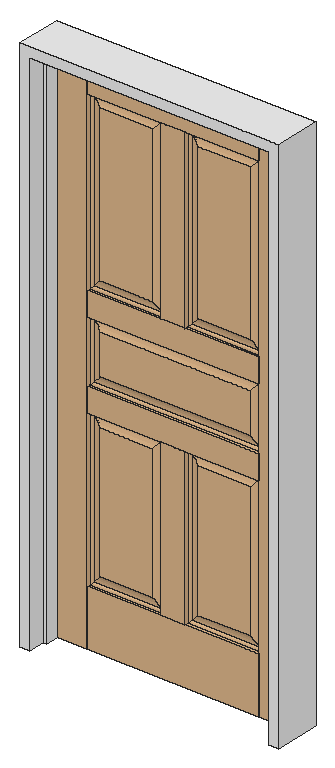
Revit family
Parameters (values of type "2 1/4" Raised Panel")
  URL = "http://www.karonadoor.com"
  Thickness Note = "Do not edit thickness."  # constant formula
  Thickness = 2.250"
  Swing Angle 2D = 90.00°
  SmartBIM Object Version = 1  # constant formula
  SmartBIM Object Created By = "Reed Construction Data"  # constant formula
  Rough Width = 0.000"
  Rough Height = 0.000"
  Panel = Panel_K5500_Karona : 2 1/4" - Raised Panel
  Model = "K5500 Ovolo"  # constant formula
  Manufacturer = "Karona , Inc."  # constant formula
  Detail Door Thickness = 2.250"
  Assembly Code = ""
  Top Rail Height = 5.000"
  Top Rail = Wood, Cherry - Grain Horizontal
  Stile Width = 5.063"
  Stile = Wood, Cherry - Grain Vertical
  Sticking = Wood, Cherry - Grain Vertical
  Middle Rail = Wood, Cherry - Grain Horizontal
  Height = 80.000"
  Wall Closure = (empty or 0)
  Width = 36.000"
  Frame = Metal
  Bottom Rail Height = 8.500"
  Bottom Rail = Wood, Cherry - Grain Horizontal
  95 CSI = "08210"  # constant formula
  04 CSI = "08 14 33"  # constant formula
Types (9): name | Thickness | Rough Height | Panel | Detail Door Thickness
  1 3/4" Flat Panel | 1.774" | 1.750" | Panel_K5500_Karona : 1 3/4" - Flat Panel | 1.750"
  1 3/8" Flat Panel | 1.334" | 0.000" | Panel_K5500_Karona : 1 3/8" - Flat Panel | 1.375"
  2 1/4" Flat Panel | 2.250" | 0.000" | Panel_K5500_Karona : 2 1/4" - Flat Panel | 2.250"
  1 3/4" Glass Panel | 1.774" | 1.750" | Panel_K5500_Karona : 1 3/4" - Glass Panel | 1.750"
  1 3/8" Glass Panel | 1.334" | 0.000" | Panel_K5500_Karona : 1 3/8" - Glass Panel | 1.375"
  2 1/4" Glass Panel | 2.250" | 0.000" | Panel_K5500_Karona : 2 1/4" - Glass | 2.250"
  1 3/4" Raised Panel | 1.774" | 1.750" | Panel_K5500_Karona : 1 3/4" - Raised Panel | 1.750"
  1 3/8" Raised Panel | 1.334" | 0.000" | Panel_K5500_Karona : 1 3/8" - Raised Panel | 1.375"
  2 1/4" Raised Panel | 2.250" | 0.000" | Panel_K5500_Karona : 2 1/4" - Raised Panel | 2.250"
Reference planes (in)
  plane 1 "Center (Front/Back)": y = 0
  plane 2 "Center (Left/Right)": x = 0
  plane 3 "Left": x = -18
  plane 4 "Right": x = 18
  plane 5 "Top": z = 80
  plane 6 "Exterior Edge of Frame": y = 3.5
  plane 7 "Interior Edge of Frame": y = -3.5
  plane 8: y = 1
  plane 9: y = -1
  plane 10 "Opening Left": x = -19.5
  plane 11 "Opening Right": x = 19.5
  plane 12 "Top of Opening": z = 81.5
  plane 13: x = -17.5
Forms (in)
  Sweep 1, solid, material "Metal" <- "Frame"
    path origin (0, 0, 0) x (1, 0, 0) y (0, 0, 1)
      loop
        line (-19.5, 0) -> (-19.5, 81.5) -> (19.5, 81.5) -> (19.5, 0)
    profile origin (-19.5, 0, 40.75) x (-1, 0, 0) y (0, -1, 0)
      loop
        line (0, -3.5) -> (0, 3.5) -> (-1.5, 3.5) -> (-1.5, 1) -> (-2, 1) -> (-2, -1) -> (-1.5, -1) -> (-1.5, -3.5) -> (0, -3.5)
Lines and regions (in)
  Opening 1
    outline origin (-90, -3, 0) x (1, 0, 0) y (0, 0, 1)
      loop
        line (70.5, 0) -> (109.5, 0) -> (109.5, 81.5) -> (70.5, 81.5) -> (70.5, 0)
  symbolic lines, style "Elevation Swing"
    curve 1: line (18, 3, 0) -> (-18, 3, 40)
    curve 2: line (-18, 3, 40) -> (18, 3, 80)
Text (in)
  text "Exterior" at (-46.13199, 20.20143, 0), in view "Ref. Level"
  text "Interior" at (-46.13199, -10.56751, 0), in view "Ref. Level"
  text "Exterior" at (0, 40.15149, 123.01588), in view "Right"
  text "Interior" at (0, -64.39139, 123.01588), in view "Right"
  text "Interior" at (0, -31.01599, 123.00693), in view "Left"
  text "Exterior" at (0, 54.57065, 123.00693), in view "Left"
Dimensions and locks (in)
  "Height": level to plane 5 "Top"
  "Width": plane 3 "Left" to plane 4 "Right"
  equal spacing: host wall, curve 2, plane 5 "Top"
  locked: host wall to plane 7 "Interior Edge of Frame" at 0.5
  locked: plane 6 "Exterior Edge of Frame" to host wall at 0.5
  locked: plane 9 to plane 7 "Interior Edge of Frame" at 2.5
  locked: plane 6 "Exterior Edge of Frame" to plane 8 at 2.5
  equal spacing: plane 3 "Left", plane 2 "Center (Left/Right)", plane 4 "Right"
  locked: plane 4 "Right" to plane 11 "Opening Right" at 1.5
  locked: plane 5 "Top" to plane 12 "Top of Opening" at 1.5
  locked: plane 3 "Left" to plane 13 at 0.5
  locked: plane 10 "Opening Left" to plane 3 "Left" at 1.5
  aligned and locked: Opening 1 sketch curve to level
  aligned and locked: plane 4 "Right" to curve 1
  aligned and locked: plane 3 "Left" to curve 1
  aligned and locked: plane 5 "Top" to curve 2
  aligned and locked: Opening 1 sketch curve to plane 11 "Opening Right"
  aligned and locked: plane 12 "Top of Opening" to Opening 1 sketch curve
  aligned and locked: Opening 1 sketch curve to plane 10 "Opening Left"
  aligned and locked: plane 10 "Opening Left" to Sweep 1 sketch curve
  aligned and locked: plane 12 "Top of Opening" to Sweep 1 sketch curve
  aligned and locked: plane 11 "Opening Right" to Sweep 1 sketch curve
  aligned and locked: level to Sweep 1 sketch curve  (x2)
  aligned and locked: Sweep 1 sketch curve to plane 10 "Opening Left"
  aligned and locked: Sweep 1 sketch curve to plane 6 "Exterior Edge of Frame"
  aligned and locked: Sweep 1 sketch curve to plane 7 "Interior Edge of Frame"
  aligned and locked: Sweep 1 sketch curve to plane 8
  aligned and locked: Sweep 1 sketch curve to plane 9
  aligned and locked: plane 13 to Sweep 1 sketch curve
  aligned and locked: plane 3 "Left" to Sweep 1 sketch curve  (x2)
  aligned and locked: nested 1 to plane 2 "Center (Left/Right)"
  aligned and locked: nested 1 to plane 8  (x2)
  aligned and locked: nested 2 to plane 3 "Left"
  aligned and locked: nested 2 to plane 8
Automatic sketch dimensions
  curve 1 to level = 0.000"
  curve 2 to plane 4 "Right" = 0.000"
Nested families (in)
  nested 1: "Panel_K5500_Karona" at (-13.5, 0.8935, 0) x (-1, 0, 0) z (0, 0, 1), type <- "Panel", type "2 1/4" - Raised Panel"
  nested 2: "Door Panel Plan View" at (-31.5, 1, 0) x (-1, 0, 0) z (0, 0, 1), type "Door Panel Plan View"
    with Thickness 2.250", Height 80.000"
Definition of nested family "Panel_K5500_Karona"
  Parameters (values of type "1 3/8" - Flat Panel")
    Width = 36.000"
    Top Rail Material = Wood, Cherry - Grain Horizontal
    Top Rail Height = 5.000"
    Top Panel Offset = 14.875"
    Thickness Note = "Do not change door thickness"  # constant formula
    Thickness = 1.334"
    Stile Width = 5.063"
    Stile Material = Wood, Cherry - Grain Vertical
    Sticking Material = Wood, Cherry - Grain Vertical
    Panel Width = (Width - ((2 * Stile Width) + Mullion Width)) / 2  # 11.1245"
    Panel Height = Height - (Top Rail Height + Mullion Width + Middle Panel Height + Mullion Width + Bottom Panel Height + Bottom Rail Height)  # 26.500"
    Panel = Glass-Sticking-Assembly-Ovolo_Karona : Flat Panel
    Mullion Width = 3.625"  # constant formula
    Middle Panel Width = Width - (2 * Stile Width)  # 25.874"
    Middle Panel Height = 9.375"  # constant formula
    Interior Panel = Wood, Cherry - Grain Vertical
    Height = 80.000"
    Exterior Edge - Glass Bottom Offset = if(Thickness = 1.774", 0.567", if(Thickness = 2.250", 0.803", 0.469"))  # 0.469"
    Door Panel Material = Wood, Cherry - Grain Vertical
    Default Elevation = 0.000"  # constant formula
    Bottom Rail Material = Wood, Cherry - Grain Horizontal
    Bottom Rail Height = 8.500"
    Bottom Panel Height = Bottom Height - (Bottom Rail Height + Mullion Width)  # 23.375"
    Bottom Height = 35.500"
    Assembly Code = ""
  Types (9): name | Top Panel Offset | Thickness | Panel | Interior Panel | Exterior Edge - Glass Bottom Offset
    2 1/4" - Flat Panel | 14.875" | 2.250" | Glass-Sticking-Assembly-Ovolo_Karona : Flat Panel | Wood, Cherry - Grain Vertical | 0.803"
    2 1/4" - Glass | 14.875" | 2.250" | Glass-Sticking-Assembly-Ovolo_Karona : Glass Panel | Glass | 0.803"
    2 1/4" - Raised Panel | 14.875" | 2.250" | Glass-Sticking-Assembly-Ovolo_Karona : Raised Panel | Wood, Cherry - Grain Vertical | 0.803"
    1 3/4" - Raised Panel | 16.542" | 1.774" | Glass-Sticking-Assembly-Ovolo_Karona : Raised Panel | Wood, Cherry - Grain Vertical | 0.567"
    1 3/4" - Flat Panel | 14.875" | 1.774" | Glass-Sticking-Assembly-Ovolo_Karona : Flat Panel | Wood, Cherry - Grain Vertical | 0.567"
    1 3/4" - Glass Panel | 14.875" | 1.774" | Glass-Sticking-Assembly-Ovolo_Karona : Glass Panel | Glass | 0.567"
    1 3/8" - Raised Panel | 14.875" | 1.334" | Glass-Sticking-Assembly-Ovolo_Karona : Raised Panel | Wood, Cherry - Grain Vertical | 0.469"
    1 3/8" - Glass Panel | 14.875" | 1.334" | Glass-Sticking-Assembly-Ovolo_Karona : Glass Panel | Glass | 0.469"
    1 3/8" - Flat Panel | 14.875" | 1.334" | Glass-Sticking-Assembly-Ovolo_Karona : Flat Panel | Wood, Cherry - Grain Vertical | 0.469"
  Reference planes (in)
    plane 1 "Center (Front/Back)": y = 1.1075
    plane 2: z = 0
    plane 3 "Center (Left/Right)": x = -13.5
    plane 4 "Left": x = -31.5
    plane 5: x = 4.5
    plane 6 "Inner Left": x = -26.437
    plane 7 "Inner Right": x = -0.563
    plane 8 "Bottom Of Top Rail": z = 75
    plane 9 "Top": z = 80
    plane 10 "Interior Edge of Door": y = 1.7745
    plane 11: z = 75
    plane 12 "Exterior Edge of Door": y = 0.4405
    plane 13 "Bottom of Glass": y = 0.9095
    plane 14 "Left Panel Vertical Midline": x = -13.5
    plane 15: z = 48.5
    plane 16: z = 44.875
    plane 17: z = 35.5
    plane 18: z = 31.875
    plane 19: z = 8.5
    plane 20: z = 61.75
    plane 21: z = 20.1875
    plane 22: z = 40.1875
    plane 23: x = -20.87475
    plane 24: x = -6.12525
    plane 25: x = -15.3125
    plane 26: x = -11.6875
  Forms (in)
    Extrusion 1, solid, material "Wood, Cherry - Grain Horizontal" <- "Bottom Rail Material"
      sketch origin (0, -101.3125, 0) x (1, 0, 0) y (0, 0, 1)
        loop
          line (-26.437, 0) -> (-0.563, 0) -> (-0.563, 8.5) -> (-26.437, 8.5) -> (-26.437, 0)
      from -103.087 to -101.753
    Extrusion 2, solid, material "Wood, Cherry - Grain Vertical" <- "Stile Material"
      sketch origin (0, 1.1075, 0) x (1, 0, 0) y (0, 0, 1)
        loop
          line (-31.5, 80) -> (-31.5, 0) -> (-26.437, 0) -> (-26.437, 80) -> (-31.5, 80)
        loop
          line (-0.563, 0) -> (4.5, 0) -> (4.5, 80) -> (-0.563, 80) -> (-0.563, 0)
      from -0.667 to 0.667
    Extrusion 3, solid, material "Wood, Cherry - Grain Horizontal" <- "Top Rail Material"
      sketch origin (0, 1.1075, 0) x (1, 0, 0) y (0, 0, 1)
        loop
          line (-26.437, 80) -> (-26.437, 75) -> (-0.563, 75) -> (-0.563, 80) -> (-26.437, 80)
      from -0.667 to 0.667
    Extrusion 4, solid, material "Wood, Cherry - Grain Horizontal" <- "Top Rail Material"
      sketch origin (0, 1.1075, 0) x (1, 0, 0) y (0, 0, 1)
        loop
          line (-26.437, 31.875) -> (-0.563, 31.875) -> (-0.563, 35.5) -> (-26.437, 35.5) -> (-26.437, 31.875)
        loop
          line (-26.437, 48.5) -> (-26.437, 44.875) -> (-0.563, 44.875) -> (-0.563, 48.5) -> (-26.437, 48.5)
      from -0.667 to 0.667
    Extrusion 5, solid, material "Wood, Cherry - Grain Vertical" <- "Door Panel Material"
      sketch origin (0, 1.1075, 0) x (1, 0, 0) y (0, 0, 1)
        loop
          line (-15.3125, 75) -> (-15.3125, 48.5) -> (-11.6875, 48.5) -> (-11.6875, 75) -> (-15.3125, 75)
        loop
          line (-15.3125, 31.875) -> (-15.3125, 8.5) -> (-11.6875, 8.5) -> (-11.6875, 31.875) -> (-15.3125, 31.875)
      from -0.667 to 0.667
  Text (in)
    text "EXTERIOR" at (-34.59289, -1.27941, 0), in view "Ref. Level"
    text "EXTERIOR" at (0, -9.65287, 72.76687), in view "Left"
    text "EXTERIOR" at (0, -33.33473, 96.68074), in view "Right"
  Dimensions and locks (in)
    equal spacing: plane 4 "Left", plane 3 "Center (Left/Right)", plane 5
    "Width": plane 4 "Left" to plane 5
    "Stile Width": plane 4 "Left" to plane 6 "Inner Left"
    "Stile Width": plane 5 to plane 7 "Inner Right"
    "Top Rail Height": plane 9 "Top" to plane 8 "Bottom Of Top Rail"
    "Height": plane 9 "Top" to plane 2
    equal spacing: plane 10 "Interior Edge of Door", plane 1 "Center (Front/Back)", plane 12 "Exterior Edge of Door"
    "Thickness": plane 10 "Interior Edge of Door" to plane 12 "Exterior Edge of Door"
    "Exterior Edge - Glass Bottom Offset": plane 13 "Bottom of Glass" to plane 12 "Exterior Edge of Door"
    "Exterior Edge - Glass Bottom Offset": plane 12 "Exterior Edge of Door" to plane 13 "Bottom of Glass"
    "Mullion Width": plane 15 to plane 16
    "Bottom Rail Height": plane 19 to level
    "Panel Height": plane 11 to plane 15
    equal spacing: plane 11, plane 20, plane 15
    equal spacing: plane 18, plane 21, plane 19
    "Mullion Width": plane 17 to plane 18
    equal spacing: plane 16, plane 22, plane 17
    "Mullion Width": plane 26 to plane 25
    equal spacing: plane 25, plane 23, plane 6 "Inner Left"
    equal spacing: plane 26, plane 24, plane 7 "Inner Right"
    equal spacing: plane 26, plane 3 "Center (Left/Right)", plane 25
    "Bottom Height": plane 17 to level
    aligned and locked: Extrusion 1 to plane 2
    aligned and locked: plane 10 "Interior Edge of Door" to Extrusion 1
    aligned and locked: plane 4 "Left" to Extrusion 2 sketch curve
    aligned and locked: Extrusion 2 sketch curve to plane 9 "Top"
    aligned and locked: Extrusion 2 sketch curve to Extrusion 1  (x3)
    aligned and locked: Extrusion 1 to Extrusion 2 sketch curve
    aligned and locked: plane 9 "Top" to Extrusion 2 sketch curve
    aligned and locked: plane 5 to Extrusion 2 sketch curve
    aligned and locked: plane 10 "Interior Edge of Door" to Extrusion 2
    aligned and locked: Extrusion 2 to Extrusion 3 sketch curve
    aligned and locked: Extrusion 3 sketch curve to Extrusion 2
    aligned and locked: plane 10 "Interior Edge of Door" to Extrusion 3
    aligned and locked: plane 11 to plane 8 "Bottom Of Top Rail"
    aligned and locked: level to plane 2
    aligned and locked: Extrusion 3 to plane 12 "Exterior Edge of Door"
    aligned and locked: Extrusion 3 to plane 10 "Interior Edge of Door"
    aligned and locked: Extrusion 2 to plane 12 "Exterior Edge of Door"
    aligned and locked: Extrusion 3 to plane 11
    aligned and locked: Extrusion 1 to Extrusion 2
    aligned and locked: nested 1 to plane 1 "Center (Front/Back)"
    aligned and locked: plane 20 to nested 2
    aligned and locked: Extrusion 4 sketch curve to plane 18
    aligned and locked: Extrusion 4 sketch curve to plane 6 "Inner Left"  (x2)
    aligned and locked: Extrusion 4 sketch curve to plane 7 "Inner Right"  (x2)
    aligned and locked: Extrusion 4 sketch curve to plane 17
    aligned and locked: Extrusion 4 sketch curve to plane 15
    aligned and locked: Extrusion 4 sketch curve to plane 16
    aligned and locked: plane 10 "Interior Edge of Door" to Extrusion 4
    aligned and locked: Extrusion 4 to plane 12 "Exterior Edge of Door"
    aligned and locked: plane 23 to nested 2
    aligned and locked: plane 23 to nested 1
    aligned and locked: nested 5 to plane 20
    aligned and locked: nested 4 to plane 21
    aligned and locked: plane 24 to nested 5
    aligned and locked: plane 24 to nested 4
    aligned and locked: plane 1 "Center (Front/Back)" to nested 4
    aligned and locked: plane 1 "Center (Front/Back)" to nested 5
    aligned and locked: Extrusion 5 sketch curve to plane 25  (x2)
    aligned and locked: plane 26 to Extrusion 5 sketch curve  (x2)
    aligned and locked: Extrusion 5 sketch curve to plane 15
    aligned and locked: Extrusion 5 sketch curve to plane 11
    aligned and locked: Extrusion 5 sketch curve to plane 18
    aligned and locked: Extrusion 5 sketch curve to plane 19
    aligned and locked: plane 10 "Interior Edge of Door" to Extrusion 5
    aligned and locked: Extrusion 5 to plane 12 "Exterior Edge of Door"
    aligned and locked: plane 21 to nested 1
    aligned and locked: plane 19 to Extrusion 1
    aligned and locked: plane 22 to nested 3
  Automatic sketch dimensions
    Extrusion 1 sketch curve to plane 6 "Inner Left" = 0.000"
    Extrusion 1 sketch curve to plane 7 "Inner Right" = 0.000"
    Extrusion 1 sketch curve to level = 0.000"
    Extrusion 3 sketch curve to plane 7 "Inner Right" = 0.000"
    plane 8 "Bottom Of Top Rail" to Extrusion 3 sketch curve = 0.000"
    level to Extrusion 1 sketch curve = 8.500"
  Nested families (in)
    nested 1: "Glass-Sticking-Assembly-Ovolo_Karona" at (-21.3435, 1.38, 8.5), Width <- "Panel Width", Height <- "Bottom Panel Height", type <- "Panel", type "Flat Panel"
      with Width 11.1245", Height 23.375", Stop Adjustment 0.273", Door Thickness 1.334", C 0.106", B 0.469", A 0.108"
    nested 2: "Glass-Sticking-Assembly-Ovolo_Karona" at (-21.3435, 1.504, 48.5), Width <- "Panel Width", Height <- "Panel Height", type <- "Panel", type "Flat Panel"
      with Width 11.1245", Height 26.500", Stop Adjustment 0.273", Door Thickness 1.334", C 0.106", B 0.469", A 0.108"
    nested 3: "Glass-Sticking-Assembly-Ovolo_Karona" at (-13.96875, 1.502, 35.5), Width <- "Middle Panel Width", Height <- "Middle Panel Height", type <- "Panel", type "Flat Panel"
      with Width 25.874", Height 9.375", Stop Adjustment 0.273", Door Thickness 1.334", C 0.106", B 0.469", A 0.108"
    nested 4: "Glass-Sticking-Assembly-Ovolo_Karona" at (-5.6565, 1.38, 8.5) x (-1, 0, 0) z (0, 0, 1), Width <- "Panel Width", Height <- "Bottom Panel Height", type <- "Panel", type "Flat Panel"
      with Width 11.1245", Height 23.375", Stop Adjustment 0.273", Door Thickness 1.334", C 0.106", B 0.469", A 0.108"
    nested 5: "Glass-Sticking-Assembly-Ovolo_Karona" at (-5.6565, 1.38, 48.5) x (-1, 0, 0) z (0, 0, 1), Width <- "Panel Width", Height <- "Panel Height", type <- "Panel", type "Flat Panel"
      with Width 11.1245", Height 26.500", Stop Adjustment 0.273", Door Thickness 1.334", C 0.106", B 0.469", A 0.108"
  Definition of nested family "Glass-Sticking-Assembly-Ovolo_Karona"
    Parameters (values of type "Raised Panel")
      Width [instance] = 4.000"
      Vertical Profile Offset = if(Glass Panel, 0.473", 0.050")  # 0.050"
      Stop Adjustment = if(and(not(Glass Panel), Door Thickness = 1.774"), 0.513", if(and(not(Glass Panel), Door Thickness = 2.250"), 0.513", if((Glass Panel), 0.125", 0.273")))  # 0.273"
      Profile = Wood, Cherry - Grain Vertical
      Height [instance] = 23.000"
      Raised Panel = yes
      Interior Panel = Wood, Cherry - Grain Vertical
      Glass Panel = no
      Door Thickness = 1.334"
      C = if(Door Thickness = 1.774", 0.197", if(Door Thickness = 2.250", 0.437", 0.106"))  # 0.106"
      B = if(Door Thickness = 1.774", 0.567", if(Door Thickness = 2.250", 0.803", 0.469"))  # 0.469"
      Assembly Code = ""
      A = if(Door Thickness = 1.774", 0.195", if(Door Thickness = 2.250", 0.431", 0.108"))  # 0.108"
    Types (3): name | Width | Vertical Profile Offset | Stop Adjustment | Raised Panel | Glass Panel | Door Thickness | C | B | A
      Glass Panel | 5.000" | 0.473" | 0.125" | no | yes | 2.250" | 0.437" | 0.803" | 0.431"
      Flat Panel | 4.500" | 0.050" | 0.513" | no | no | 2.250" | 0.437" | 0.803" | 0.431"
      Raised Panel | 4.000" | 0.050" | 0.273" | yes | no | 1.334" | 0.106" | 0.469" | 0.108"
    Reference planes (in)
      plane 1 "Stop Adjustment Edge": y = -0.3455
      plane 2: z = 0
      plane 3 "Center (Left/Right)": x = 0.46875
      plane 4 "Back": y = 0.3945
      plane 5 "Front": y = -0.9395
      plane 6 "Left": x = -1.53125
      plane 7 "Right": x = 2.46875
      plane 8 "Top": z = 23
      plane 9 "Center (Up/Down)": z = 11.5
      plane 10 "Bottom of Stop": y = -0.0725
      plane 11 "Bottom of Glass": y = -0.4705
      plane 12 "Right Edge of Glass": x = 2.41875
      plane 13 "Left Edge of Glass": x = -1.48125
      plane 14 "Top Edge of Glass": z = 22.90625
      plane 15 "Bottom Edge of Glass": z = 0.09375
      plane 16: x = 2.34375
      plane 17 "A": y = -0.8315
      plane 18 "C": y = 0.2885
      plane 19 "Bottom Cut Line": z = 0.438
      plane 20 "Top Cut Line": z = 22.562
      plane 21 "Cut Vertical Left": x = -1.09325
      plane 22 "Cut Vertical": x = 2.03075
      plane 23 "Center (Front/Back)": y = -0.2725
    Forms (in)
      Sweep 1, solid, material "Wood, Cherry - Grain Vertical" <- "Profile"
        path origin (0, -0.3455, 0) x (1, 0, 0) y (0, 0, 1)
          loop
            line (2.46875, 23) -> (-1.53125, 23) -> (-1.53125, 0) -> (2.46875, 0) -> (2.46875, 23)
        profile origin (2.46875, -0.3455, 11.5) x (0, -1, 0) y (1, 0, 0)
          loop
            line (-0.634, 0) -> (-0.634, -0.438) -> (-0.273, -0.438) -> (-0.273, -0.05) -> (0.125, -0.05) -> (0.125, -0.44588)
            arc (0.125, -0.44588) -> (0.40126, -0.29929) -> (0.492, 0) r 0.40707
            line (0.492, 0) -> (-0.634, 0)
      Extrusion 2, solid, material "Wood, Cherry - Grain Vertical" <- "Interior Panel"
        sketch origin (0, 0, 0) x (1, 0, 0) y (0, 1, 0)
          loop
            line (-1.48125, -0.0725) -> (-1.48125, -0.4705) -> (2.41875, -0.4705) -> (2.41875, -0.0725) -> (-1.48125, -0.0725)
        from 0.09375 to 22.90625
      Extrusion 3, solid, material "Wood, Cherry - Grain Vertical" <- "Profile", visible <- "Raised Panel"
        sketch origin (0, 0, 0) x (1, 0, 0) y (0, 1, 0)
          loop
            line (2.03075, 0.2885) -> (-1.09325, 0.2885) -> (-1.09325, -0.0725) -> (2.03075, -0.0725) -> (2.03075, 0.2885)
          loop
            line (-1.09325, -0.4705) -> (-1.09325, -0.8315) -> (2.03075, -0.8315) -> (2.03075, -0.4705) -> (-1.09325, -0.4705)
        from 0.438 to 22.562
      Sweep 4, void
        path origin (0, -0.0725, 0) x (-1, 0, 0) y (0, 0, 1)
          loop
            line (1.53125, 0) -> (1.53125, 23) -> (-2.46875, 23) -> (-2.46875, 0) -> (1.53125, 0)
        profile "Profile : 05" origin (-1.53125, -0.0725, 11.5) x (1, 0, 0) y (0, 1, 0)
          loop
            line (0, 0.05) -> (0.36169, 0.05096)
            arc (0.36169, 0.05096) -> (1.01257, 0.13642) -> (1.61934, 0.387) r 2.52143
            line (1.61934, 0.387) -> (0, 0.387) -> (0, 0.05)
      Sweep 5, void
        path origin (0, -0.4705, 0) x (-1, 0, 0) y (0, 0, 1)
          loop
            line (-2.46875, 23) -> (-2.46875, 0) -> (1.53125, 0) -> (1.53125, 23) -> (-2.46875, 23)
        profile "Profile : 05" origin (2.46875, -0.4705, 11.5) x (-1, 0, 0) y (0, 1, 0)
          loop
            line (0, -0.05) -> (0, -0.387) -> (1.61934, -0.387)
            arc (1.61934, -0.387) -> (1.01257, -0.13642) -> (0.36169, -0.05096) r 2.52143
            line (0.36169, -0.05096) -> (0, -0.05)
      Sweep 6, void
        path origin (0, 0.2885, 0) x (1, 0, 0) y (0, 0, 1)
          loop
            line (-1.09325, 0.438) -> (2.03075, 0.438) -> (2.03075, 22.562) -> (-1.09325, 22.562) -> (-1.09325, 0.438)
        profile "QuarterCircleCut : QuarterCircleCut" origin (2.03075, 0.2885, 11.5) x (-1, 0, 0) y (0, -1, 0)
          loop
            arc (0.35, 0) -> (0.10251, 0.10251) -> (0, 0.35) r 0.35
            line (0, 0.35) -> (0, 0) -> (0.35, 0)
    Cuts and joins
      Sweep 4, Sweep 5 cuts Extrusion 3
      Sweep 6 cuts Sweep 1
    Text (in)
      text "INTERIOR" at (-14.3788, 3.49864, 0), in view "Ref. Level"
    Dimensions and locks (in)
      equal spacing: plane 6 "Left", plane 3 "Center (Left/Right)", plane 7 "Right"
      "Width": plane 6 "Left" to plane 7 "Right"
      "Door Thickness": plane 4 "Back" to plane 5 "Front"
      "Height": plane 8 "Top" to plane 2
      equal spacing: plane 8 "Top", plane 9 "Center (Up/Down)", level
      locked: plane 1 "Stop Adjustment Edge" to plane 11 "Bottom of Glass" at 0.125
      "Stop Adjustment": plane 10 "Bottom of Stop" to plane 1 "Stop Adjustment Edge"
      locked: plane 12 "Right Edge of Glass" to plane 7 "Right" at 0.05
      locked: plane 8 "Top" to plane 14 "Top Edge of Glass" at 0.09375
      locked: plane 15 "Bottom Edge of Glass" to level at 0.09375
      locked: plane 6 "Left" to plane 13 "Left Edge of Glass" at 0.05
      "B": plane 5 "Front" to plane 11 "Bottom of Glass"
      locked: plane 16 to plane 7 "Right" at 0.125
      "A": plane 5 "Front" to plane 17 "A"
      "C": plane 18 "C" to plane 4 "Back"
      plane 4 "Back" to Sweep 1 = 0.467"
      locked: plane 19 "Bottom Cut Line" to level at 0.438
      locked: plane 8 "Top" to plane 20 "Top Cut Line" at 0.438
      locked: plane 6 "Left" to plane 21 "Cut Vertical Left" at 0.438
      locked: plane 22 "Cut Vertical" to plane 7 "Right" at 0.438
      equal spacing: plane 4 "Back", plane 23 "Center (Front/Back)", plane 5 "Front"
      aligned and locked: Sweep 1 sketch curve to plane 7 "Right"
      aligned and locked: Sweep 1 sketch curve to plane 8 "Top"
      aligned and locked: Sweep 1 sketch curve to plane 6 "Left"
      aligned and locked: Sweep 1 sketch curve to level
      aligned and locked: plane 10 "Bottom of Stop" to Sweep 1 sketch curve
      aligned and locked: plane 11 "Bottom of Glass" to Sweep 1 sketch curve
      aligned and locked: Extrusion 2 sketch curve to plane 13 "Left Edge of Glass"
      aligned and locked: Extrusion 2 sketch curve to plane 10 "Bottom of Stop"
      aligned and locked: Extrusion 2 sketch curve to plane 11 "Bottom of Glass"
      aligned and locked: Extrusion 2 sketch curve to plane 12 "Right Edge of Glass"
      aligned and locked: plane 14 "Top Edge of Glass" to Extrusion 2
      aligned and locked: Extrusion 2 to plane 15 "Bottom Edge of Glass"
      aligned and locked: Extrusion 3 sketch curve to plane 18 "C"
      aligned and locked: Extrusion 3 sketch curve to plane 10 "Bottom of Stop"
      aligned and locked: Extrusion 3 sketch curve to plane 11 "Bottom of Glass"
      aligned and locked: Extrusion 3 sketch curve to plane 17 "A"
      aligned and locked: Extrusion 3 to plane 19 "Bottom Cut Line"
      aligned and locked: Extrusion 3 to plane 20 "Top Cut Line"
      aligned and locked: plane 12 "Right Edge of Glass" to Sweep 1 sketch curve
      aligned and locked: plane 22 "Cut Vertical" to Extrusion 3 sketch curve  (x2)
      aligned and locked: Extrusion 3 sketch curve to plane 21 "Cut Vertical Left"  (x2)
      aligned and locked: plane 22 "Cut Vertical" to Sweep 1 sketch curve
      aligned and locked: Sweep 5 sketch curve to plane 6 "Left"
      aligned and locked: plane 8 "Top" to Sweep 5 sketch curve
      aligned and locked: Sweep 5 sketch curve to plane 7 "Right"
      aligned and locked: level to Sweep 5 sketch curve
      aligned and locked: Sweep 4 sketch curve to plane 7 "Right"
      aligned and locked: plane 8 "Top" to Sweep 4 sketch curve
      aligned and locked: Sweep 4 sketch curve to plane 6 "Left"
      aligned and locked: level to Sweep 4 sketch curve
      aligned and locked: plane 18 "C" to Sweep 1 sketch curve
      aligned and locked: Sweep 6 sketch curve to plane 21 "Cut Vertical Left"
      aligned and locked: plane 22 "Cut Vertical" to Sweep 6 sketch curve
      aligned and locked: Sweep 6 sketch curve to plane 19 "Bottom Cut Line"
      aligned and locked: plane 20 "Top Cut Line" to Sweep 6 sketch curve
    Automatic sketch dimensions
      Sweep 1 sketch curve to Sweep 1 sketch curve = 0.03804"
      Sweep 1 sketch curve to Sweep 1 sketch curve = 0.367"
      plane 16 to Sweep 1 sketch curve = 0.32088"
      Sweep 1 sketch curve to profile plane = 0.000"
Definition of nested family "Door Panel Plan View"
  Parameters (values of type "Door Panel Plan View")
    Width = 36.000"
    Thickness = 2.000"
    Swing Angle 2D = 90.00°
    Height = 0.000"
    Assembly Code = ""
  Reference planes (in)
    plane 1 "Center (Front/Back)": y = 0
    plane 2: z = 0
    plane 3 "Center (Left/Right)": x = -13.5
  Lines and regions (in)
    symbolic lines, style "DoorsPanelProjection"
      curve 1: line (-13.5, 0, 0) -> (-13.5, 36, 0)
      curve 2: line (-15.5, 0, 0) -> (-15.5, 36, 0)
      curve 3: line (-13.5, 0, 0) -> (-15.5, 0, 0)
      curve 4: line (-13.5, 36, 0) -> (-15.5, 36, 0)
    symbolic lines, style "Plan Swing"
      curve 5: arc (-13.5, 36, 0) -> (-38.95584, 25.45584, 0) -> (-49.5, 0, 0) r 36
  Dimensions and locks (in)
    "Width": curve 4 to curve 3
    "Thickness": curve 1 to curve 2
    "Swing Angle 2D": angle curve 1 to plane 1 "Center (Front/Back)"
    aligned and locked: plane 1 "Center (Front/Back)" to curve 5
  Automatic sketch dimensions
    curve 3 to plane 1 "Center (Front/Back)" = 0.000"
    curve 5 to plane 3 "Center (Left/Right)" = 0.000"
    curve 3 to plane 3 "Center (Left/Right)" = 0.000"
